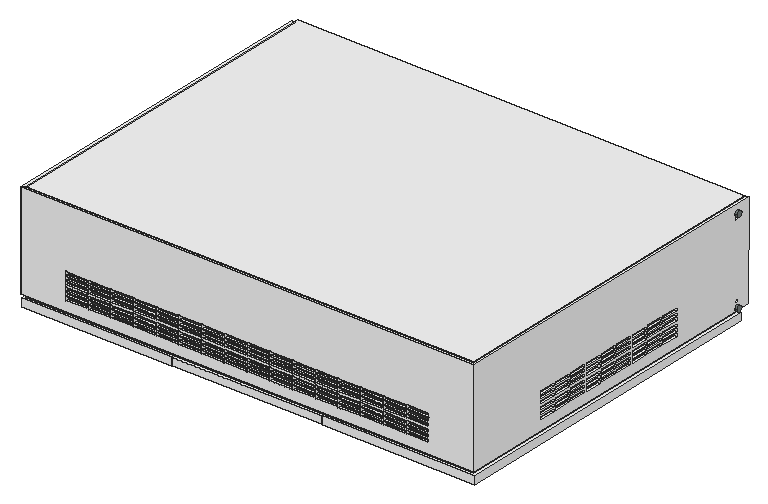
Revit family "AM 950C HH", category Mechanical Equipment, Revit 2019
Family settings
  Round Connector Dimension = Use Diameter
  Part Type = Normal
  OmniClass Number = 23.75.00.00
  OmniClass Title = Climate Control (HVAC)
  Work Plane-Based = No
  Always vertical = Yes
  Cut with Voids When Loaded = No
  Shared = No
  Room Calculation Point = No
Parameters
  Weight standard air handling unit, complete = "340 kg"
  Weight (Standard Unit) = 340  # constant formula
  Version number = "0,0"
  URL = "www.airmaster-as.com"
  Recommended residual current circuit breaker (RCCB) = "Type B"
  Publication date = "02.06.2025"
  Suply Air In = 315 mm  # constant formula
  Maximum fuse = "16 A, 1 phase, type B or 16 A, 3 phase, type B"
  Max Power Consumption = "4454 W"
  Max Current = "20 A"
  Nominal current, electrical preheating surface = "10 A"
  Nominal current, electrical comfort heating surface = "7,83 A"
  Nominal current, air handling unit = "2,76 A"
  Network Conection = "AWG 24 CAT 5e STP"
  Model = "AM 950C HH"
  Max. flow rate 35 dB(A) with ePM10 80% filters = 998.00 m³  # constant formula
  Max. flow rate 35 dB(A) with ePM10 55% filters = 1025.00 m³  # constant formula
  Max. flow rate 35 dB(A) with ePM10 50% filters = 1050.00 m³  # constant formula
  Max. flow rate 30 dB(A) with ePM10 80% filters = 903.00 m³  # constant formula
  Max. flow rate 30 dB(A) with ePM10 55% filters = 926.00 m³  # constant formula
  Max. flow rate 30 dB(A) with ePM10 50% filters = 950.00 m³  # constant formula
  Manufacturer = "Airmaster A/S"
  Maintenance [instance] = no
  Exhaust Air out = 315 mm  # constant formula
  Electrical connection = "1  ~ 230V+N+PE / 3 ~ 230/400V+N+PE/ 50 Hz"
  Drawn By = "LSB"
  Data Sheet = ""
  Condensate conector = "Ø6/9 mm"
  Color casing = "RAL 9010"
  BMS Panel = "(PTS) 2x2x0,6"
  BMS Out = "(PTS) 2x2x0,6"
  BMS IN = "(PTS) 2x2x0,6"
  Airflow area [instance] = no
Reference planes
  plane 1 "Center (Front/Back)": y = 0
  plane 2: z = 0
  plane 3 "Center L/S": y = -1610
  plane 4 "TOP": z = 501
  plane 5 "Center L/W": y = -1595
Forms (mm)
  Extrusion 1, solid, material "AM Black"
    sketch origin (0, 0, 0) x (1, 0, 0) y (0, 1, 0)
      loop
        line (-1035, 0) -> (-1035, -1595) -> (1065, -1595) -> (1065, 0) -> (-1035, 0)
    from 52.5 to 501
  Extrusion 2, solid, material "AM White"
    sketch origin (794.5, -1524, 44.5) x (0, -1, 0) y (-1, 0, 0)
      loop
        line (86, -285.5) -> (86, 1844.5) -> (71, 1829.5) -> (71, -270.5) -> (86, -285.5)
    from -7.85 to -456.5
  Extrusion 3, solid, material "AM Grey"
    sketch origin (-1005, 0, -14) x (1, 0, 0) y (0, 0, -1)
      loop
        circle (1845, -302) r 157.5
    from 0 to 15
  Extrusion 4, solid, material "AM Grey"
    sketch origin (-755, 0, 90) x (1, 0, 0) y (0, 0, -1)
      loop
        circle (-25, -198) r 157.5
    from 0 to 15
  Extrusion 5, solid, material "Maintenece", visible <- "Maintenance"
    sketch origin (-746.453, -1524, 0) x (1, 0, 0) y (0, -1, 0)
      loop
        line (-303.547, -1524) -> (1829.203, -1524) -> (1829.203, 86) -> (-303.547, 86) -> (-303.547, -1524)
    from 0 to 1200
  Extrusion 6, solid, material "AM White"
    sketch origin (0, 0, 52.5) x (0, 1, 0) y (1, 0, 0)
      loop
        line (-1610, -1044.5) -> (-47.35, -1044.5) -> (-47.35, 1082.75) -> (-1610, 1082.75) -> (-1610, -1044.5)
    from 16.5 to 52.5
  Extrusion 7, solid, material "Airflow", visible <- "Airflow area"
    sketch origin (-909.875, -1524, -340) x (1, 0, 0) y (0, -1, 0)
      loop
        line (1989.875, -1508.5) -> (2489.875, -1508.5) -> (2489.875, 86) -> (1989.875, 86) -> (1989.875, -1508.5)
    from -342 to -602.62
  Extrusion 8, solid, material "AM White"
    sketch origin (794.5, -1524, 44.5) x (0, -1, 0) y (-1, 0, 0)
      loop
        line (-1508.5, 1844.5) -> (-1508.5, 1829.5) -> (71, 1829.5) -> (86, 1844.5) -> (-1508.5, 1844.5)
    from -7.85 to -456.5
  Extrusion 9, solid, material "AM White"
    sketch origin (824.5, -1524, 44.5) x (0, -1, 0) y (-1, 0, 0)
      loop
        line (-1524, -255.5) -> (86, -255.5) -> (71, -240.5) -> (-1524, -240.5) -> (-1524, -255.5)
    from -7.85 to -456.5
  Extrusion 10, solid, material "AM Black"
    sketch origin (0, 0, -454) x (1, 0, 0) y (0, 1, 0)
      loop
        line (-1035, -62.726) -> (-1035, -1595) -> (1065, -1595) -> (1065, -62.726) -> (-1035, -62.726)
    from 490 to 501
  Extrusion 11, void
    sketch origin (1080, 0, 44.5) x (0, 1, 0) y (0, 0, -1)
      loop
        line (-1226.5, -178) -> (-1138.278, -178) -> (-1138.278, -159.8) -> (-1226.5, -159.8) -> (-1226.5, -178)
      loop
        line (-1226.5, -157.8) -> (-1138.278, -157.8) -> (-1138.278, -139.6) -> (-1226.5, -139.6) -> (-1226.5, -157.8)
      loop
        line (-1226.5, -137.6) -> (-1138.278, -137.6) -> (-1138.278, -119.4) -> (-1226.5, -119.4) -> (-1226.5, -137.6)
      loop
        line (-1226.5, -111.6) -> (-1138.278, -111.6) -> (-1138.278, -93.4) -> (-1226.5, -93.4) -> (-1226.5, -111.6)
      loop
        line (-1226.5, -91.4) -> (-1138.278, -91.4) -> (-1138.278, -73.2) -> (-1226.5, -73.2) -> (-1226.5, -91.4)
      loop
        line (-1226.5, -71.2) -> (-1138.278, -71.2) -> (-1138.278, -53) -> (-1226.5, -53) -> (-1226.5, -71.2)
      loop
        line (-1136.278, -178) -> (-1048.056, -178) -> (-1048.056, -159.8) -> (-1136.278, -159.8) -> (-1136.278, -178)
      loop
        line (-1136.278, -157.8) -> (-1048.056, -157.8) -> (-1048.056, -139.6) -> (-1136.278, -139.6) -> (-1136.278, -157.8)
      loop
        line (-1136.278, -137.6) -> (-1048.056, -137.6) -> (-1048.056, -119.4) -> (-1136.278, -119.4) -> (-1136.278, -137.6)
      loop
        line (-1136.278, -111.6) -> (-1048.056, -111.6) -> (-1048.056, -93.4) -> (-1136.278, -93.4) -> (-1136.278, -111.6)
      loop
        line (-1136.278, -91.4) -> (-1048.056, -91.4) -> (-1048.056, -73.2) -> (-1136.278, -73.2) -> (-1136.278, -91.4)
      loop
        line (-1136.278, -71.2) -> (-1048.056, -71.2) -> (-1048.056, -53) -> (-1136.278, -53) -> (-1136.278, -71.2)
      loop
        line (-1046.056, -178) -> (-957.833, -178) -> (-957.833, -159.8) -> (-1046.056, -159.8) -> (-1046.056, -178)
      loop
        line (-1046.056, -157.8) -> (-957.833, -157.8) -> (-957.833, -139.6) -> (-1046.056, -139.6) -> (-1046.056, -157.8)
      loop
        line (-1046.056, -137.6) -> (-957.833, -137.6) -> (-957.833, -119.4) -> (-1046.056, -119.4) -> (-1046.056, -137.6)
      loop
        line (-1046.056, -111.6) -> (-957.833, -111.6) -> (-957.833, -93.4) -> (-1046.056, -93.4) -> (-1046.056, -111.6)
      loop
        line (-1046.056, -91.4) -> (-957.833, -91.4) -> (-957.833, -73.2) -> (-1046.056, -73.2) -> (-1046.056, -91.4)
      loop
        line (-1046.056, -71.2) -> (-957.833, -71.2) -> (-957.833, -53) -> (-1046.056, -53) -> (-1046.056, -71.2)
      loop
        line (-955.833, -178) -> (-867.611, -178) -> (-867.611, -159.8) -> (-955.833, -159.8) -> (-955.833, -178)
      loop
        line (-955.833, -157.8) -> (-867.611, -157.8) -> (-867.611, -139.6) -> (-955.833, -139.6) -> (-955.833, -157.8)
      loop
        line (-955.833, -137.6) -> (-867.611, -137.6) -> (-867.611, -119.4) -> (-955.833, -119.4) -> (-955.833, -137.6)
      loop
        line (-955.833, -111.6) -> (-867.611, -111.6) -> (-867.611, -93.4) -> (-955.833, -93.4) -> (-955.833, -111.6)
      loop
        line (-955.833, -91.4) -> (-867.611, -91.4) -> (-867.611, -73.2) -> (-955.833, -73.2) -> (-955.833, -91.4)
      loop
        line (-955.833, -71.2) -> (-867.611, -71.2) -> (-867.611, -53) -> (-955.833, -53) -> (-955.833, -71.2)
      loop
        line (-865.611, -178) -> (-777.389, -178) -> (-777.389, -159.8) -> (-865.611, -159.8) -> (-865.611, -178)
      loop
        line (-865.611, -157.8) -> (-777.389, -157.8) -> (-777.389, -139.6) -> (-865.611, -139.6) -> (-865.611, -157.8)
      loop
        line (-865.611, -137.6) -> (-777.389, -137.6) -> (-777.389, -119.4) -> (-865.611, -119.4) -> (-865.611, -137.6)
      loop
        line (-865.611, -111.6) -> (-777.389, -111.6) -> (-777.389, -93.4) -> (-865.611, -93.4) -> (-865.611, -111.6)
      loop
        line (-865.611, -91.4) -> (-777.389, -91.4) -> (-777.389, -73.2) -> (-865.611, -73.2) -> (-865.611, -91.4)
      loop
        line (-865.611, -71.2) -> (-777.389, -71.2) -> (-777.389, -53) -> (-865.611, -53) -> (-865.611, -71.2)
      loop
        line (-775.389, -178) -> (-687.167, -178) -> (-687.167, -159.8) -> (-775.389, -159.8) -> (-775.389, -178)
      loop
        line (-775.389, -157.8) -> (-687.167, -157.8) -> (-687.167, -139.6) -> (-775.389, -139.6) -> (-775.389, -157.8)
      loop
        line (-775.389, -137.6) -> (-687.167, -137.6) -> (-687.167, -119.4) -> (-775.389, -119.4) -> (-775.389, -137.6)
      loop
        line (-775.389, -111.6) -> (-687.167, -111.6) -> (-687.167, -93.4) -> (-775.389, -93.4) -> (-775.389, -111.6)
      loop
        line (-775.389, -91.4) -> (-687.167, -91.4) -> (-687.167, -73.2) -> (-775.389, -73.2) -> (-775.389, -91.4)
      loop
        line (-775.389, -71.2) -> (-687.167, -71.2) -> (-687.167, -53) -> (-775.389, -53) -> (-775.389, -71.2)
      loop
        line (-685.167, -178) -> (-596.944, -178) -> (-596.944, -159.8) -> (-685.167, -159.8) -> (-685.167, -178)
      loop
        line (-685.167, -157.8) -> (-596.944, -157.8) -> (-596.944, -139.6) -> (-685.167, -139.6) -> (-685.167, -157.8)
      loop
        line (-685.167, -137.6) -> (-596.944, -137.6) -> (-596.944, -119.4) -> (-685.167, -119.4) -> (-685.167, -137.6)
      loop
        line (-685.167, -111.6) -> (-596.944, -111.6) -> (-596.944, -93.4) -> (-685.167, -93.4) -> (-685.167, -111.6)
      loop
        line (-685.167, -91.4) -> (-596.944, -91.4) -> (-596.944, -73.2) -> (-685.167, -73.2) -> (-685.167, -91.4)
      loop
        line (-685.167, -71.2) -> (-596.944, -71.2) -> (-596.944, -53) -> (-685.167, -53) -> (-685.167, -71.2)
      loop
        line (-594.944, -178) -> (-506.722, -178) -> (-506.722, -159.8) -> (-594.944, -159.8) -> (-594.944, -178)
      loop
        line (-594.944, -157.8) -> (-506.722, -157.8) -> (-506.722, -139.6) -> (-594.944, -139.6) -> (-594.944, -157.8)
      loop
        line (-594.944, -137.6) -> (-506.722, -137.6) -> (-506.722, -119.4) -> (-594.944, -119.4) -> (-594.944, -137.6)
      loop
        line (-594.944, -111.6) -> (-506.722, -111.6) -> (-506.722, -93.4) -> (-594.944, -93.4) -> (-594.944, -111.6)
      loop
        line (-594.944, -91.4) -> (-506.722, -91.4) -> (-506.722, -73.2) -> (-594.944, -73.2) -> (-594.944, -91.4)
      loop
        line (-594.944, -71.2) -> (-506.722, -71.2) -> (-506.722, -53) -> (-594.944, -53) -> (-594.944, -71.2)
      loop
        line (-504.722, -178) -> (-416.5, -178) -> (-416.5, -159.8) -> (-504.722, -159.8) -> (-504.722, -178)
      loop
        line (-504.722, -157.8) -> (-416.5, -157.8) -> (-416.5, -139.6) -> (-504.722, -139.6) -> (-504.722, -157.8)
      loop
        line (-504.722, -137.6) -> (-416.5, -137.6) -> (-416.5, -119.4) -> (-504.722, -119.4) -> (-504.722, -137.6)
      loop
        line (-504.722, -111.6) -> (-416.5, -111.6) -> (-416.5, -93.4) -> (-504.722, -93.4) -> (-504.722, -111.6)
      loop
        line (-504.722, -91.4) -> (-416.5, -91.4) -> (-416.5, -73.2) -> (-504.722, -73.2) -> (-504.722, -91.4)
      loop
        line (-504.722, -71.2) -> (-416.5, -71.2) -> (-416.5, -53) -> (-504.722, -53) -> (-504.722, -71.2)
    from 0 to 35.731
  Extrusion 12, void
    sketch origin (1080, -1610, 44.5) x (1, 0, 0) y (0, 0, -1)
      loop
        line (-1917, -179.5) -> (-1812.375, -179.5) -> (-1812.375, -161.3) -> (-1917, -161.3) -> (-1917, -179.5)
      loop
        line (-1917, -159.3) -> (-1812.375, -159.3) -> (-1812.375, -141.1) -> (-1917, -141.1) -> (-1917, -159.3)
      loop
        line (-1917, -139.1) -> (-1812.375, -139.1) -> (-1812.375, -120.9) -> (-1917, -120.9) -> (-1917, -139.1)
      loop
        line (-1917, -113.1) -> (-1812.375, -113.1) -> (-1812.375, -94.9) -> (-1917, -94.9) -> (-1917, -113.1)
      loop
        line (-1917, -92.9) -> (-1812.375, -92.9) -> (-1812.375, -74.7) -> (-1917, -74.7) -> (-1917, -92.9)
      loop
        line (-1917, -72.7) -> (-1812.375, -72.7) -> (-1812.375, -54.5) -> (-1917, -54.5) -> (-1917, -72.7)
      loop
        line (-1810.375, -179.5) -> (-1705.75, -179.5) -> (-1705.75, -161.3) -> (-1810.375, -161.3) -> (-1810.375, -179.5)
      loop
        line (-1810.375, -159.3) -> (-1705.75, -159.3) -> (-1705.75, -141.1) -> (-1810.375, -141.1) -> (-1810.375, -159.3)
      loop
        line (-1810.375, -139.1) -> (-1705.75, -139.1) -> (-1705.75, -120.9) -> (-1810.375, -120.9) -> (-1810.375, -139.1)
      loop
        line (-1810.375, -113.1) -> (-1705.75, -113.1) -> (-1705.75, -94.9) -> (-1810.375, -94.9) -> (-1810.375, -113.1)
      loop
        line (-1810.375, -92.9) -> (-1705.75, -92.9) -> (-1705.75, -74.7) -> (-1810.375, -74.7) -> (-1810.375, -92.9)
      loop
        line (-1810.375, -72.7) -> (-1705.75, -72.7) -> (-1705.75, -54.5) -> (-1810.375, -54.5) -> (-1810.375, -72.7)
      loop
        line (-1703.75, -179.5) -> (-1599.125, -179.5) -> (-1599.125, -161.3) -> (-1703.75, -161.3) -> (-1703.75, -179.5)
      loop
        line (-1703.75, -159.3) -> (-1599.125, -159.3) -> (-1599.125, -141.1) -> (-1703.75, -141.1) -> (-1703.75, -159.3)
      loop
        line (-1703.75, -139.1) -> (-1599.125, -139.1) -> (-1599.125, -120.9) -> (-1703.75, -120.9) -> (-1703.75, -139.1)
      loop
        line (-1703.75, -113.1) -> (-1599.125, -113.1) -> (-1599.125, -94.9) -> (-1703.75, -94.9) -> (-1703.75, -113.1)
      loop
        line (-1703.75, -92.9) -> (-1599.125, -92.9) -> (-1599.125, -74.7) -> (-1703.75, -74.7) -> (-1703.75, -92.9)
      loop
        line (-1703.75, -72.7) -> (-1599.125, -72.7) -> (-1599.125, -54.5) -> (-1703.75, -54.5) -> (-1703.75, -72.7)
      loop
        line (-1597.125, -179.5) -> (-1492.5, -179.5) -> (-1492.5, -161.3) -> (-1597.125, -161.3) -> (-1597.125, -179.5)
      loop
        line (-1597.125, -159.3) -> (-1492.5, -159.3) -> (-1492.5, -141.1) -> (-1597.125, -141.1) -> (-1597.125, -159.3)
      loop
        line (-1597.125, -139.1) -> (-1492.5, -139.1) -> (-1492.5, -120.9) -> (-1597.125, -120.9) -> (-1597.125, -139.1)
      loop
        line (-1597.125, -113.1) -> (-1492.5, -113.1) -> (-1492.5, -94.9) -> (-1597.125, -94.9) -> (-1597.125, -113.1)
      loop
        line (-1597.125, -92.9) -> (-1492.5, -92.9) -> (-1492.5, -74.7) -> (-1597.125, -74.7) -> (-1597.125, -92.9)
      loop
        line (-1597.125, -72.7) -> (-1492.5, -72.7) -> (-1492.5, -54.5) -> (-1597.125, -54.5) -> (-1597.125, -72.7)
      loop
        line (-1490.5, -179.5) -> (-1385.875, -179.5) -> (-1385.875, -161.3) -> (-1490.5, -161.3) -> (-1490.5, -179.5)
      loop
        line (-1490.5, -159.3) -> (-1385.875, -159.3) -> (-1385.875, -141.1) -> (-1490.5, -141.1) -> (-1490.5, -159.3)
      loop
        line (-1490.5, -139.1) -> (-1385.875, -139.1) -> (-1385.875, -120.9) -> (-1490.5, -120.9) -> (-1490.5, -139.1)
      loop
        line (-1490.5, -113.1) -> (-1385.875, -113.1) -> (-1385.875, -94.9) -> (-1490.5, -94.9) -> (-1490.5, -113.1)
      loop
        line (-1490.5, -92.9) -> (-1385.875, -92.9) -> (-1385.875, -74.7) -> (-1490.5, -74.7) -> (-1490.5, -92.9)
      loop
        line (-1490.5, -72.7) -> (-1385.875, -72.7) -> (-1385.875, -54.5) -> (-1490.5, -54.5) -> (-1490.5, -72.7)
      loop
        line (-1383.875, -179.5) -> (-1279.25, -179.5) -> (-1279.25, -161.3) -> (-1383.875, -161.3) -> (-1383.875, -179.5)
      loop
        line (-1383.875, -159.3) -> (-1279.25, -159.3) -> (-1279.25, -141.1) -> (-1383.875, -141.1) -> (-1383.875, -159.3)
      loop
        line (-1383.875, -139.1) -> (-1279.25, -139.1) -> (-1279.25, -120.9) -> (-1383.875, -120.9) -> (-1383.875, -139.1)
      loop
        line (-1383.875, -113.1) -> (-1279.25, -113.1) -> (-1279.25, -94.9) -> (-1383.875, -94.9) -> (-1383.875, -113.1)
      loop
        line (-1383.875, -92.9) -> (-1279.25, -92.9) -> (-1279.25, -74.7) -> (-1383.875, -74.7) -> (-1383.875, -92.9)
      loop
        line (-1383.875, -72.7) -> (-1279.25, -72.7) -> (-1279.25, -54.5) -> (-1383.875, -54.5) -> (-1383.875, -72.7)
      loop
        line (-1277.25, -179.5) -> (-1172.625, -179.5) -> (-1172.625, -161.3) -> (-1277.25, -161.3) -> (-1277.25, -179.5)
      loop
        line (-1277.25, -159.3) -> (-1172.625, -159.3) -> (-1172.625, -141.1) -> (-1277.25, -141.1) -> (-1277.25, -159.3)
      loop
        line (-1277.25, -139.1) -> (-1172.625, -139.1) -> (-1172.625, -120.9) -> (-1277.25, -120.9) -> (-1277.25, -139.1)
      loop
        line (-1277.25, -113.1) -> (-1172.625, -113.1) -> (-1172.625, -94.9) -> (-1277.25, -94.9) -> (-1277.25, -113.1)
      loop
        line (-1277.25, -92.9) -> (-1172.625, -92.9) -> (-1172.625, -74.7) -> (-1277.25, -74.7) -> (-1277.25, -92.9)
      loop
        line (-1277.25, -72.7) -> (-1172.625, -72.7) -> (-1172.625, -54.5) -> (-1277.25, -54.5) -> (-1277.25, -72.7)
      loop
        line (-1170.625, -179.5) -> (-1066, -179.5) -> (-1066, -161.3) -> (-1170.625, -161.3) -> (-1170.625, -179.5)
      loop
        line (-1170.625, -159.3) -> (-1066, -159.3) -> (-1066, -141.1) -> (-1170.625, -141.1) -> (-1170.625, -159.3)
      loop
        line (-1170.625, -139.1) -> (-1066, -139.1) -> (-1066, -120.9) -> (-1170.625, -120.9) -> (-1170.625, -139.1)
      loop
        line (-1170.625, -113.1) -> (-1066, -113.1) -> (-1066, -94.9) -> (-1170.625, -94.9) -> (-1170.625, -113.1)
      loop
        line (-1170.625, -92.9) -> (-1066, -92.9) -> (-1066, -74.7) -> (-1170.625, -74.7) -> (-1170.625, -92.9)
      loop
        line (-1170.625, -72.7) -> (-1066, -72.7) -> (-1066, -54.5) -> (-1170.625, -54.5) -> (-1170.625, -72.7)
      loop
        line (-1064, -179.5) -> (-959.375, -179.5) -> (-959.375, -161.3) -> (-1064, -161.3) -> (-1064, -179.5)
      loop
        line (-1064, -159.3) -> (-959.375, -159.3) -> (-959.375, -141.1) -> (-1064, -141.1) -> (-1064, -159.3)
      loop
        line (-1064, -139.1) -> (-959.375, -139.1) -> (-959.375, -120.9) -> (-1064, -120.9) -> (-1064, -139.1)
      loop
        line (-1064, -113.1) -> (-959.375, -113.1) -> (-959.375, -94.9) -> (-1064, -94.9) -> (-1064, -113.1)
      loop
        line (-1064, -92.9) -> (-959.375, -92.9) -> (-959.375, -74.7) -> (-1064, -74.7) -> (-1064, -92.9)
      loop
        line (-1064, -72.7) -> (-959.375, -72.7) -> (-959.375, -54.5) -> (-1064, -54.5) -> (-1064, -72.7)
      loop
        line (-957.375, -179.5) -> (-852.75, -179.5) -> (-852.75, -161.3) -> (-957.375, -161.3) -> (-957.375, -179.5)
      loop
        line (-957.375, -159.3) -> (-852.75, -159.3) -> (-852.75, -141.1) -> (-957.375, -141.1) -> (-957.375, -159.3)
      loop
        line (-957.375, -139.1) -> (-852.75, -139.1) -> (-852.75, -120.9) -> (-957.375, -120.9) -> (-957.375, -139.1)
      loop
        line (-957.375, -113.1) -> (-852.75, -113.1) -> (-852.75, -94.9) -> (-957.375, -94.9) -> (-957.375, -113.1)
      loop
        line (-957.375, -92.9) -> (-852.75, -92.9) -> (-852.75, -74.7) -> (-957.375, -74.7) -> (-957.375, -92.9)
      loop
        line (-957.375, -72.7) -> (-852.75, -72.7) -> (-852.75, -54.5) -> (-957.375, -54.5) -> (-957.375, -72.7)
      loop
        line (-850.75, -179.5) -> (-746.125, -179.5) -> (-746.125, -161.3) -> (-850.75, -161.3) -> (-850.75, -179.5)
      loop
        line (-850.75, -159.3) -> (-746.125, -159.3) -> (-746.125, -141.1) -> (-850.75, -141.1) -> (-850.75, -159.3)
      loop
        line (-850.75, -139.1) -> (-746.125, -139.1) -> (-746.125, -120.9) -> (-850.75, -120.9) -> (-850.75, -139.1)
      loop
        line (-850.75, -113.1) -> (-746.125, -113.1) -> (-746.125, -94.9) -> (-850.75, -94.9) -> (-850.75, -113.1)
      loop
        line (-850.75, -92.9) -> (-746.125, -92.9) -> (-746.125, -74.7) -> (-850.75, -74.7) -> (-850.75, -92.9)
      loop
        line (-850.75, -72.7) -> (-746.125, -72.7) -> (-746.125, -54.5) -> (-850.75, -54.5) -> (-850.75, -72.7)
      loop
        line (-744.125, -179.5) -> (-639.5, -179.5) -> (-639.5, -161.3) -> (-744.125, -161.3) -> (-744.125, -179.5)
      loop
        line (-744.125, -159.3) -> (-639.5, -159.3) -> (-639.5, -141.1) -> (-744.125, -141.1) -> (-744.125, -159.3)
      loop
        line (-744.125, -139.1) -> (-639.5, -139.1) -> (-639.5, -120.9) -> (-744.125, -120.9) -> (-744.125, -139.1)
      loop
        line (-744.125, -113.1) -> (-639.5, -113.1) -> (-639.5, -94.9) -> (-744.125, -94.9) -> (-744.125, -113.1)
      loop
        line (-744.125, -92.9) -> (-639.5, -92.9) -> (-639.5, -74.7) -> (-744.125, -74.7) -> (-744.125, -92.9)
      loop
        line (-744.125, -72.7) -> (-639.5, -72.7) -> (-639.5, -54.5) -> (-744.125, -54.5) -> (-744.125, -72.7)
      loop
        line (-637.5, -179.5) -> (-532.875, -179.5) -> (-532.875, -161.3) -> (-637.5, -161.3) -> (-637.5, -179.5)
      loop
        line (-637.5, -159.3) -> (-532.875, -159.3) -> (-532.875, -141.1) -> (-637.5, -141.1) -> (-637.5, -159.3)
      loop
        line (-637.5, -139.1) -> (-532.875, -139.1) -> (-532.875, -120.9) -> (-637.5, -120.9) -> (-637.5, -139.1)
      loop
        line (-637.5, -113.1) -> (-532.875, -113.1) -> (-532.875, -94.9) -> (-637.5, -94.9) -> (-637.5, -113.1)
      loop
        line (-637.5, -92.9) -> (-532.875, -92.9) -> (-532.875, -74.7) -> (-637.5, -74.7) -> (-637.5, -92.9)
      loop
        line (-637.5, -72.7) -> (-532.875, -72.7) -> (-532.875, -54.5) -> (-637.5, -54.5) -> (-637.5, -72.7)
      loop
        line (-530.875, -179.5) -> (-426.25, -179.5) -> (-426.25, -161.3) -> (-530.875, -161.3) -> (-530.875, -179.5)
      loop
        line (-530.875, -159.3) -> (-426.25, -159.3) -> (-426.25, -141.1) -> (-530.875, -141.1) -> (-530.875, -159.3)
      loop
        line (-530.875, -139.1) -> (-426.25, -139.1) -> (-426.25, -120.9) -> (-530.875, -120.9) -> (-530.875, -139.1)
      loop
        line (-530.875, -113.1) -> (-426.25, -113.1) -> (-426.25, -94.9) -> (-530.875, -94.9) -> (-530.875, -113.1)
      loop
        line (-530.875, -92.9) -> (-426.25, -92.9) -> (-426.25, -74.7) -> (-530.875, -74.7) -> (-530.875, -92.9)
      loop
        line (-530.875, -72.7) -> (-426.25, -72.7) -> (-426.25, -54.5) -> (-530.875, -54.5) -> (-530.875, -72.7)
      loop
        line (-424.25, -179.5) -> (-319.625, -179.5) -> (-319.625, -161.3) -> (-424.25, -161.3) -> (-424.25, -179.5)
      loop
        line (-424.25, -159.3) -> (-319.625, -159.3) -> (-319.625, -141.1) -> (-424.25, -141.1) -> (-424.25, -159.3)
      loop
        line (-424.25, -139.1) -> (-319.625, -139.1) -> (-319.625, -120.9) -> (-424.25, -120.9) -> (-424.25, -139.1)
      loop
        line (-424.25, -113.1) -> (-319.625, -113.1) -> (-319.625, -94.9) -> (-424.25, -94.9) -> (-424.25, -113.1)
      loop
        line (-424.25, -92.9) -> (-319.625, -92.9) -> (-319.625, -74.7) -> (-424.25, -74.7) -> (-424.25, -92.9)
      loop
        line (-424.25, -72.7) -> (-319.625, -72.7) -> (-319.625, -54.5) -> (-424.25, -54.5) -> (-424.25, -72.7)
      loop
        line (-317.625, -179.5) -> (-213, -179.5) -> (-213, -161.3) -> (-317.625, -161.3) -> (-317.625, -179.5)
      loop
        line (-317.625, -159.3) -> (-213, -159.3) -> (-213, -141.1) -> (-317.625, -141.1) -> (-317.625, -159.3)
      loop
        line (-317.625, -139.1) -> (-213, -139.1) -> (-213, -120.9) -> (-317.625, -120.9) -> (-317.625, -139.1)
      loop
        line (-317.625, -113.1) -> (-213, -113.1) -> (-213, -94.9) -> (-317.625, -94.9) -> (-317.625, -113.1)
      loop
        line (-317.625, -92.9) -> (-213, -92.9) -> (-213, -74.7) -> (-317.625, -74.7) -> (-317.625, -92.9)
      loop
        line (-317.625, -72.7) -> (-213, -72.7) -> (-213, -54.5) -> (-317.625, -54.5) -> (-317.625, -72.7)
    from 0 to 15
  Extrusion 13, void
    sketch origin (1162.5, -1248, 214.5) x (-1, 0, 0) y (0, 0, -1)
      loop
        line (1496.359, 214.5) -> (1496.359, 178.5) -> (1503, 178.5) -> (1503, 214.5) -> (1496.359, 214.5)
      loop
        line (791.927, 214.5) -> (791.927, 178.5) -> (798.568, 178.5) -> (798.568, 214.5) -> (791.927, 214.5)
    from -1263 to 362
  Extrusion 14, void
    sketch origin (-1050, -15.5, 44.5) x (0, 1, 0) y (0, 0, 1)
      loop
        circle (-37.5, 396.5) r 9.5
    from 0 to 15
  Extrusion 15, void
    sketch origin (-1050, -15.5, 44.5) x (0, 1, 0) y (0, 0, 1)
      loop
        circle (-53, 48.5) r 9.5
    from 0 to 15
  Extrusion 16, solid, material "AM Grey"
    sketch origin (-1050, -15.5, 44.5) x (0, -1, 0) y (0, 0, 1)
      loop
        circle (56, 421.5) r 13.5
      loop
        circle (56, 23.5) r 12
    from 0 to 15
  Extrusion 17, solid, material "AM Grey"
    sketch origin (1050, 0, 44.5) x (0, -1, 0) y (0, 0, -1)
      loop
        circle (56, -421.5) r 13.5
      loop
        circle (56, -23.5) r 12
    from 0 to 15
  Extrusion 18, void
    sketch origin (1080, 0, 44.5) x (0, 1, 0) y (0, 0, -1)
      loop
        circle (-68, -396.5) r 9.5
      loop
        circle (-68, -48.5) r 9.5
    from 0 to 15
  Extrusion 19, solid, material "AM Grey"
    sketch origin (1080, 0, 44.5) x (0, -1, 0) y (0, 0, -1)
      loop
        circle (71, -421.5) r 12
      loop
        circle (71, -23.5) r 12
    from 0 to 15
Cuts and joins
  Extrusion 12, Extrusion 14, Extrusion 15, Extrusion 18 cuts Extrusion 1
  Extrusion 11, Extrusion 18 cuts Extrusion 7
  Extrusion 11, Extrusion 18 cuts Extrusion 9
  Extrusion 12 cuts Extrusion 2
  Extrusion 13 cuts Extrusion 5
  Extrusion 13 cuts Extrusion 6
  Extrusion 13 cuts Extrusion 10
  Extrusion 14, Extrusion 15 cuts Extrusion 8
Dimensions and locks
  locked: plane 3 "Center L/S" to plane 1 "Center (Front/Back)" at 1610
  locked: plane 4 "TOP" to level at 501
  Extrusion 4 sketch curve to plane 4 "TOP" = 213 mm
  Extrusion 4 to plane 4 "TOP" = 213 mm
  Extrusion 3 to plane 4 "TOP" = 213 mm
  plane 3 "Center L/S" to Extrusion 10 = 1547.274 mm
  "Exhaust Air out": diameter of Extrusion 3 sketch curve
  "Suply Air In": diameter of Extrusion 4 sketch curve
  aligned and locked: level to plane 2
  aligned and locked: plane 1 "Center (Front/Back)" to Extrusion 1 sketch curve
  aligned and locked: Extrusion 1 sketch curve to plane 5 "Center L/W"
  aligned and locked: plane 3 "Center L/S" to Extrusion 2 sketch curve
  aligned and locked: Extrusion 3 to Extrusion 4
Automatic sketch dimensions
  plane 5 "Center L/W" to Extrusion 2 sketch curve = 0 mm
  Extrusion 2 sketch curve to Extrusion 2 sketch curve = 15 mm  (x2)
  Extrusion 3 sketch curve to plane 4 "TOP" = 213 mm
  plane 3 "Center L/S" to Extrusion 5 sketch curve = 0 mm
  plane 1 "Center (Front/Back)" to Extrusion 5 sketch curve = 0 mm
  Extrusion 6 sketch curve to Extrusion 1 = 15 mm
  Extrusion 6 sketch curve to Extrusion 1 = 17.75 mm
  Extrusion 1 to Extrusion 6 sketch curve = 47.35 mm
  Extrusion 6 sketch curve to Extrusion 1 = 9.5 mm
  plane 1 "Center (Front/Back)" to Extrusion 7 sketch curve = 15.5 mm
  plane 3 "Center L/S" to Extrusion 7 sketch curve = 0 mm
  Extrusion 7 sketch curve to Extrusion 7 sketch curve = 500 mm
  plane 1 "Center (Front/Back)" to Extrusion 8 sketch curve = 15.5 mm
  Extrusion 8 sketch curve to plane 5 "Center L/W" = 0 mm
  plane 3 "Center L/S" to Extrusion 8 sketch curve = 0 mm
  plane 1 "Center (Front/Back)" to Extrusion 9 sketch curve = 0 mm
  plane 5 "Center L/W" to Extrusion 9 sketch curve = 0 mm
  plane 3 "Center L/S" to Extrusion 9 sketch curve = 0 mm
  Extrusion 9 sketch curve to Extrusion 9 sketch curve = 15 mm
  plane 5 "Center L/W" to Extrusion 10 sketch curve = 0 mm
  plane 1 "Center (Front/Back)" to Extrusion 10 sketch curve = 62.726 mm
  Extrusion 11 sketch curve to Extrusion 9 = 170.15 mm  (x3)
  Extrusion 9 to Extrusion 11 sketch curve = 383.5 mm
  Extrusion 11 sketch curve to Extrusion 9 = 45.15 mm
  Extrusion 11 sketch curve to Extrusion 11 sketch curve = 0 mm  (x101)
  Extrusion 11 sketch curve to Extrusion 11 sketch curve = 88.222 mm  (x9)
  Extrusion 11 sketch curve to Extrusion 11 sketch curve = 2 mm  (x69)
  Extrusion 11 sketch curve to Extrusion 11 sketch curve = 18.2 mm  (x26)
  Extrusion 11 sketch curve to Extrusion 11 sketch curve = 7.8 mm  (x6)
  Extrusion 8 sketch curve to Extrusion 8 sketch curve = 15 mm
  Extrusion 2 to Extrusion 12 sketch curve = 213 mm
  Extrusion 12 sketch curve to Extrusion 12 sketch curve = 0 mm  (x201)
  Extrusion 12 sketch curve to Extrusion 12 sketch curve = 104.625 mm  (x16)
  Extrusion 12 sketch curve to Extrusion 12 sketch curve = 2 mm  (x116)
  Extrusion 12 sketch curve to Extrusion 2 = 277 mm  (x2)
  Extrusion 12 sketch curve to Extrusion 12 sketch curve = 18.2 mm  (x40)
  Extrusion 12 sketch curve to Extrusion 12 sketch curve = 7.8 mm  (x8)
  Extrusion 13 sketch curve to Extrusion 13 sketch curve = 6.641 mm  (x2)
  Extrusion 13 sketch curve to plane 4 "TOP" = 465 mm  (x2)
  Extrusion 13 sketch curve to Extrusion 13 sketch curve = 36 mm  (x2)
  Extrusion 8 to Extrusion 14 sketch curve = 37.5 mm
  Extrusion 14 sketch curve to Extrusion 8 = 60 mm
  plane 1 "Center (Front/Back)" to Extrusion 17 sketch curve = 56 mm  (x2)
  Extrusion 17 sketch curve to plane 4 "TOP" = 35 mm
  level to Extrusion 17 sketch curve = 68 mm
  Extrusion 1 sketch curve to Extrusion 1 sketch curve = 2100 mm
  Extrusion 2 sketch curve to Extrusion 2 sketch curve = 2100 mm
  Extrusion 5 sketch curve to Extrusion 5 sketch curve = 2132.75 mm
  Extrusion 10 sketch curve to Extrusion 10 sketch curve = 2100 mm
  Extrusion 13 sketch curve to Extrusion 13 sketch curve = 697.791 mm
  Extrusion 9 to Extrusion 19 sketch curve = 15.65 mm
  Extrusion 9 to Extrusion 19 sketch curve = 71 mm  (x2)
  Extrusion 9 to Extrusion 19 sketch curve = 35 mm
  radius of Extrusion 14 sketch curve = 9.5 mm
  radius of Extrusion 17 sketch curve = 13.5 mm
  radius of Extrusion 17 sketch curve = 12 mm
  radius of Extrusion 19 sketch curve = 12 mm  (x2)
Nested families
  nested 1: "Model Label 2019" at (60, -802.425, 0), Label <- "Model", type "Model Label 2019"
    with Label "AM 950C HH"
  nested 2: "indblæssymbol" at (68.313, -1610, 0) x (0, -1, 0) z (0, 0, 1), type "indblæssymbol"
    with dX_ 609 mm, dX 609 mm, ang2D 0.00°
  nested 3: "Pil Indtag" at (1594.193, -771.4, 0) x (-1, 0, 0) z (0, 0, 1), type "Pil Indtag"
    with dX_ 609 mm, dX 609 mm, ang2D 0.00°
Connectors
  hvac at (840, 0, 288)
    settings: on Extrusion 3, index 1, duct flow 0.0 L/s, flow factor 0, pres drop 0.0 Pa, loss coef 0, conn angle 0.00°, conn width 304.8 mm, conn height 304.8 mm, conn diameter 315 mm, duct sys type 3, conn prof type 0, flow config 0, flow direction 2, loss method 0, conn ref index -1, conn util no, is conn primary yes, conn desc ""
  hvac at (-780, 0, 288)
    settings: on Extrusion 4, index 2, duct flow 0.0 L/s, flow factor 0, pres drop 0.0 Pa, loss coef 0, conn angle 0.00°, conn width 304.8 mm, conn height 304.8 mm, conn diameter 315 mm, duct sys type 1, conn prof type 0, flow config 0, flow direction 1, loss method 0, conn ref index -1, conn util no, is conn primary no, conn desc ""
  piping at (-1035, -53, 441), diameter 9
    settings: on cut or joined group of Extrusion 8, Extrusion 14, Extrusion 15, index 3, connector inside diameter 609.6 mm, connector length 0 mm, flow factor 0, pipe flow 0.0 L/s, pressure drop 0.0 Pa, fitting loss kfactor 0, connector angle 0.00°, fixture units 0, engagement length 0 mm, angle of deflection 0.00°, flow configuration 0, flow direction 0, fitting loss method 0, system type 7, joint type 0, gender type 0, connector reference index -1, connector utility 0, adjustable connector no, is connector primary yes, connector description "Condensate drain"
  piping at (-1035, -68.5, 93), diameter 9
    settings: on cut or joined group of Extrusion 8, Extrusion 14, Extrusion 15, index 4, connector inside diameter 609.6 mm, connector length 0 mm, flow factor 0, pipe flow 0.0 L/s, pressure drop 0.0 Pa, fitting loss kfactor 0, connector angle 0.00°, fixture units 0, engagement length 0 mm, angle of deflection 0.00°, flow configuration 0, flow direction 0, fitting loss method 0, system type 7, joint type 0, gender type 0, connector reference index -1, connector utility 0, adjustable connector no, is connector primary no, connector description "Condensate drain"
  piping at (-1035, -53, 441), diameter 9
    settings: on cut or joined group of Extrusion 8, Extrusion 14, Extrusion 15, index 5, connector inside diameter 609.6 mm, connector length 0 mm, flow factor 0, pipe flow 0.0 L/s, pressure drop 0.0 Pa, fitting loss kfactor 0, connector angle 0.00°, fixture units 0, engagement length 0 mm, angle of deflection 0.00°, flow configuration 0, flow direction 0, fitting loss method 0, system type 7, joint type 0, gender type 0, connector reference index -1, connector utility 0, adjustable connector no, is connector primary no, connector description ""
  piping at (-1035, -68.5, 93), diameter 9
    settings: on cut or joined group of Extrusion 8, Extrusion 14, Extrusion 15, index 6, connector inside diameter 609.6 mm, connector length 0 mm, flow factor 0, pipe flow 0.0 L/s, pressure drop 0.0 Pa, fitting loss kfactor 0, connector angle 0.00°, fixture units 0, engagement length 0 mm, angle of deflection 0.00°, flow configuration 0, flow direction 0, fitting loss method 0, system type 7, joint type 0, gender type 0, connector reference index -1, connector utility 0, adjustable connector no, is connector primary no, connector description ""
  electrical at (-1065, -71.5, 466)
    settings: on Extrusion 16, index 7, voltage 220 V, apparent load 0 VA, apparent load phase1 0 VA, apparent load phase2 0 VA, apparent load phase3 0 VA, power factor 0.56, load classification "Other", number of poles 1, system type 31, power factor state 1, is connector primary yes, connector utility no, sub classification motor no, connector description ""
  electrical at (-1065, -71.5, 68)
    settings: on Extrusion 16, index 8, voltage 220 V, apparent load 0 VA, apparent load phase1 0 VA, apparent load phase2 0 VA, apparent load phase3 0 VA, power factor 0.56, load classification "Other", number of poles 1, system type 31, power factor state 1, is connector primary no, connector utility no, sub classification motor no, connector description ""
  piping at (-1035, -53, 441), diameter 9
    settings: on cut or joined group of Extrusion 8, Extrusion 14, Extrusion 15, index 9, connector inside diameter 609.6 mm, connector length 0 mm, flow factor 0, pipe flow 0.0 L/s, pressure drop 0.0 Pa, fitting loss kfactor 0, connector angle 0.00°, fixture units 0, engagement length 0 mm, angle of deflection 0.00°, flow configuration 0, flow direction 0, fitting loss method 0, system type 7, joint type 0, gender type 0, connector reference index -1, connector utility 0, adjustable connector no, is connector primary no, connector description ""
  piping at (-1035, -68.5, 93), diameter 9
    settings: on cut or joined group of Extrusion 8, Extrusion 14, Extrusion 15, index 10, connector inside diameter 609.6 mm, connector length 0 mm, flow factor 0, pipe flow 0.0 L/s, pressure drop 0.0 Pa, fitting loss kfactor 0, connector angle 0.00°, fixture units 0, engagement length 0 mm, angle of deflection 0.00°, flow configuration 0, flow direction 0, fitting loss method 0, system type 7, joint type 0, gender type 0, connector reference index -1, connector utility 0, adjustable connector no, is connector primary no, connector description ""
  piping at (-1035, -53, 441), diameter 9
    settings: on cut or joined group of Extrusion 8, Extrusion 14, Extrusion 15, index 11, connector inside diameter 609.6 mm, connector length 0 mm, flow factor 0, pipe flow 0.0 L/s, pressure drop 0.0 Pa, fitting loss kfactor 0, connector angle 0.00°, fixture units 0, engagement length 0 mm, angle of deflection 0.00°, flow configuration 0, flow direction 2, fitting loss method 0, system type 16, joint type 0, gender type 0, connector reference index -1, connector utility 0, adjustable connector no, is connector primary no, connector description "Condensate drain"
  piping at (-1035, -68.5, 93), diameter 9
    settings: on cut or joined group of Extrusion 8, Extrusion 14, Extrusion 15, index 12, connector inside diameter 609.6 mm, connector length 0 mm, flow factor 0, pipe flow 0.0 L/s, pressure drop 0.0 Pa, fitting loss kfactor 0, connector angle 0.00°, fixture units 0, engagement length 0 mm, angle of deflection 0.00°, flow configuration 0, flow direction 2, fitting loss method 0, system type 16, joint type 0, gender type 0, connector reference index -1, connector utility 0, adjustable connector no, is connector primary no, connector description "Condensate drain"
  piping at (1065, -68, 441), diameter 9
    settings: on cut or joined group of Extrusion 9, Extrusion 11, Extrusion 18, index 13, connector inside diameter 609.6 mm, connector length 0 mm, flow factor 0, pipe flow 0.0 L/s, pressure drop 0.0 Pa, fitting loss kfactor 0, connector angle 0.00°, fixture units 0, engagement length 0 mm, angle of deflection 0.00°, flow configuration 0, flow direction 2, fitting loss method 0, system type 16, joint type 0, gender type 0, connector reference index -1, connector utility 0, adjustable connector no, is connector primary no, connector description "Condensate drain"
  piping at (1065, -68, 93), diameter 9
    settings: on cut or joined group of Extrusion 9, Extrusion 11, Extrusion 18, index 14, connector inside diameter 609.6 mm, connector length 0 mm, flow factor 0, pipe flow 0.0 L/s, pressure drop 0.0 Pa, fitting loss kfactor 0, connector angle 0.00°, fixture units 0, engagement length 0 mm, angle of deflection 0.00°, flow configuration 0, flow direction 2, fitting loss method 0, system type 16, joint type 0, gender type 0, connector reference index -1, connector utility 0, adjustable connector no, is connector primary no, connector description "Condensate drain"
  electrical at (1095, -71, 466)
    settings: on Extrusion 19, index 15, voltage 220 V, apparent load 0 VA, apparent load phase1 0 VA, apparent load phase2 0 VA, apparent load phase3 0 VA, power factor 0.56, load classification "Other", number of poles 1, system type 31, power factor state 1, is connector primary no, connector utility no, sub classification motor no, connector description ""
  electrical at (1095, -71, 68)
    settings: on Extrusion 19, index 16, voltage 220 V, apparent load 0 VA, apparent load phase1 0 VA, apparent load phase2 0 VA, apparent load phase3 0 VA, power factor 0.56, load classification "Other", number of poles 1, system type 31, power factor state 1, is connector primary no, connector utility no, sub classification motor no, connector description ""
Definition of nested family "Model Label 2019"
  Parameters (values of type "Model Label 2019")
    Label [instance] = ""
  Reference planes
    plane 1: y = 0
    plane 2: x = 0
  Text (mm)
    label "Label" at (-0.131, 0.049, 0), shows "Label"
Definition of nested family "indblæssymbol"
  Parameters (values of type "indblæssymbol")
    dX_ [instance] = if(dX = 0 mm, 1 mm, dX)  # 609 mm
    dX [instance] = 609 mm
    ang2D [instance] = 0.00°
    Type Comments = "DO NOT CHANGE dX value from 608 mm ( 2 ft )"
    Afstand pil = 50 mm
  Reference planes
    plane 1 "Center (Front/Back)": y = 0
    plane 2: z = 0
    plane 3 "Center (Left/Right)": x = 0
  Lines and regions (mm)
    Filled region 1, type "Concrete", in view "Ref. Level"
      outline origin (50.005, 0, 0) x (1, 0, 0) y (0, 1, 0)
        loop
          line (399.995, 0.414) -> (301.442, 17.365) -> (301.588, -17.365) -> (399.995, 0.414)
    reference lines, in view "Ref. Level"
      curve 1: line (50, 134.129, 0) -> (50, -145.871, 0)
    detail lines, in view "Ref. Level"
      curve 2: line (351.52, 0, 0) -> (50, 0, 0)
  Dimensions and locks
    "Afstand pil": plane 3 "Center (Left/Right)" to curve 1
    curve 1 to Filled region 1 = 400 mm
  Automatic sketch dimensions
    Filled region 1 sketch curve to plane 1 "Center (Front/Back)" = 0.414 mm
    plane 3 "Center (Left/Right)" to Filled region 1 sketch curve = 450 mm
    plane 1 "Center (Front/Back)" to Filled region 1 sketch curve = 17.365 mm
    Filled region 1 sketch curve to Filled region 1 sketch curve = 98.407 mm
    Filled region 1 sketch curve to plane 1 "Center (Front/Back)" = 17.365 mm
    Filled region 1 sketch curve to Filled region 1 sketch curve = 0.146 mm
    plane 1 "Center (Front/Back)" to curve 2 = 0 mm
    plane 3 "Center (Left/Right)" to curve 2 = 50 mm
    curve 2 to curve 2 = 301.52 mm
    plane 1 "Center (Front/Back)" to curve 1 = 145.871 mm
    curve 1 to plane 1 "Center (Front/Back)" = 134.129 mm
Definition of nested family "Pil Indtag"
  Parameters (values of type "Pil Indtag")
    dX_ [instance] = if(dX = 0 mm, 1 mm, dX)  # 609 mm
    dX [instance] = 609 mm
    ang2D [instance] = 0.00°
    Type Comments = "DO NOT CHANGE dX value from 608 mm ( 2 ft )"
    Afstand pil = 50 mm
  Reference planes
    plane 1 "Center (Front/Back)": y = 0
    plane 2: z = 0
    plane 3 "Center (Left/Right)": x = 0
    plane 4: x = 500
  Lines and regions (mm)
    Filled region 1, type "Concrete", in view "Ref. Level"
      outline origin (0, 0, 0) x (1, 0, 0) y (0, 1, 0)
        loop
          line (499.552, 0) -> (401.072, 17.365) -> (401.072, -17.365) -> (499.552, 0)
    reference lines, in view "Ref. Level"
      curve 1: line (50, 134.129, 0) -> (50, -145.871, 0)
    detail lines, in view "Ref. Level", not visible
      curve 2: arc (335, 0, 0) -> (385.559, -50.321, 0) -> (434.999, 1.101, 0) r 50.01
      curve 3: arc (335, 0, 0) -> (285.666, 52.633, 0) -> (235.069, 1.212, 0) r 50.01
      curve 4: line (434.999, 1.101, 0) -> (434.999, 21.156, 0)
      curve 5: line (235.069, 1.212, 0) -> (235.069, -18.844, 0)
    detail lines, in view "Ref. Level"
      curve 6: arc (225.332, 0, 0) -> (272.332, -35.211, 0) -> (294.114, 19.326, 0) r 36.995
      curve 7: arc (225.206, 0, 0) -> (173.868, 30.307, 0) -> (156.85, -26.829, 0) r 37.835
      curve 8: line (499.552, 0, 0) -> (401.072, 17.365, 0)
      curve 9: line (401.072, 17.365, 0) -> (401.072, -17.365, 0)
      curve 10: line (401.072, -17.365, 0) -> (499.552, 0, 0)
      curve 11: line (499.552, 0, 0) -> (-15.448, 0, 0)
  Dimensions and locks
    "Afstand pil": plane 3 "Center (Left/Right)" to curve 1
    plane 3 "Center (Left/Right)" to plane 4 = 500 mm
  Automatic sketch dimensions
    plane 1 "Center (Front/Back)" to Filled region 1 sketch curve = 0 mm
    Filled region 1 sketch curve to plane 4 = 0.448 mm
    plane 1 "Center (Front/Back)" to Filled region 1 sketch curve = 17.365 mm
    Filled region 1 sketch curve to plane 4 = 98.928 mm
    Filled region 1 sketch curve to plane 1 "Center (Front/Back)" = 17.365 mm
    plane 1 "Center (Front/Back)" to curve 11 = 0 mm
    plane 1 "Center (Front/Back)" to curve 7 = 4.913 mm
    plane 3 "Center (Left/Right)" to curve 7 = 187.691 mm
    curve 6 to plane 1 "Center (Front/Back)" = 0.405 mm
    curve 7 to curve 6 = 74.634 mm
    curve 9 to plane 1 "Center (Front/Back)" = 17.365 mm
    curve 9 to plane 4 = 98.928 mm
    curve 11 to plane 4 = 0.448 mm
    plane 1 "Center (Front/Back)" to curve 10 = 17.365 mm
    curve 7 to curve 7 = 30.842 mm
    curve 11 to plane 3 "Center (Left/Right)" = 15.448 mm
    curve 7 to curve 6 = 37.119 mm
    curve 7 to curve 6 = 0.126 mm
    curve 6 to plane 1 "Center (Front/Back)" = 19.326 mm
    plane 1 "Center (Front/Back)" to curve 1 = 145.871 mm
    curve 1 to plane 1 "Center (Front/Back)" = 134.129 mm
